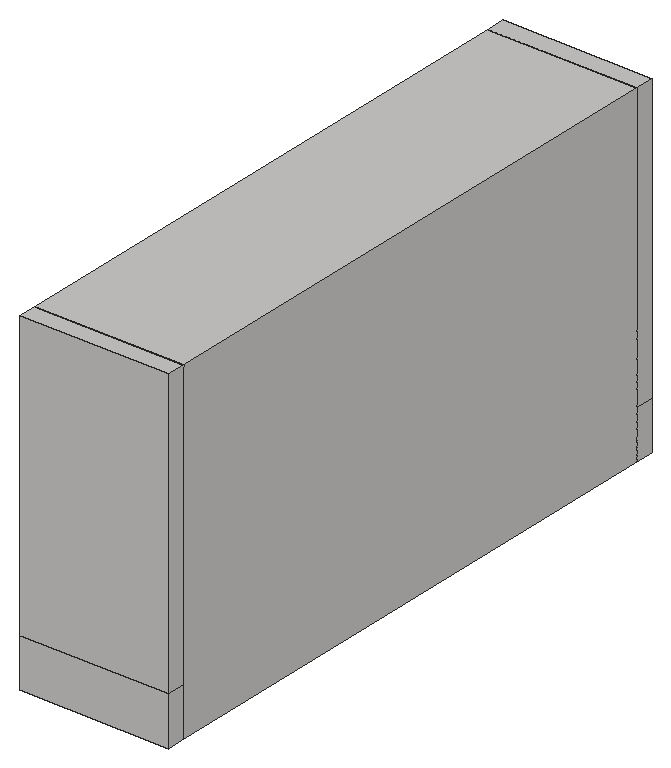
Revit family "QF_ELECTROLUXPROFESSIONAL_588689_MB3ACOBOOO", category Attrezzature speciali, Revit 2020
Family settings
  Quota connettore circolare = Usa diametro
  Tipo di parte = Normale
  Basato su piano di lavoro = No
  Sempre verticale = Sì
  Taglio con vuoti quando caricato = No
  Condiviso = No
  Punto di calcolo locali = No
Parameters (values of type "Standard")
  Weight = 10.50 kg
  Watts = 0 W
  Volts = 0 V
  URL Manufacturer = "https://www.electroluxprofessional.com/"
  URL = "https://www.electroluxprofessional.com/"
  Steam Supply Size = 0"
  Steam Supply Minimum Pressure = 0.00 psi
  Steam Supply Maximum Pressure = 0.00 psi
  Steam Consumption per Hour = 0
  Refrigeration Suction Line Size = 0 mm
  Refrigeration Liquid Line Size = 0 mm
  Refrigerant Compressor Remote = yes
  Prospetto di default = 0 mm
  Phase = 0
  Modello = "MB3ACOBOOO"
  Produttore = "Electrolux Professional"
  Length Actual = 200 mm  # constant formula
  Item Number = "588689"
  Hot Water Size = 0"
  Height Actual = 450 mm  # constant formula
  HP = "0 HP"
  Gas Size = 0"
  Gas KW = 0
  Gas Input Pressure = 0.0 Btu/h
  Direct Waste Size = 0"
  Descrizione = "CLOSED BASE, 200X850X450"
  Depth Actual = 850 mm  # constant formula
  Cycle = 0 Hz
  Condensate Return Size = 0"
  Compressed Air Volume = 0 GPM
  Compressed Air Size = 0"
  Compressed Air Pressure = 0.00 psi
  Cold Water Size = 0"
  Accessory = yes
Reference planes
  plane 1 "BACK": y = 0
  plane 2: z = 0
  plane 3 "LEFT": x = 0
  plane 4 "RIGHT": x = 200
  plane 5 "FRONT": y = -850
  plane 6 "PLAIN": z = 900
  plane 7 "Center (Left/Right)": x = 100
  plane 8 "Center (Front/Back)": y = -425
  plane 9 "TOP": z = 650
  plane 10 "BASE": z = 200
  plane 11: x = 122
  plane 12: x = 78
  plane 13 "Feet_back": y = -150
  plane 14 "Feet_Front": y = -720
  plane 15: x = 0
  plane 16: z = 265
  plane 17: y = -20
  plane 18: y = -805
  plane 19: y = -45
  plane 20: y = -830
Forms (mm)
  Extrusion 1, solid, material "QF_Finishes_Stainless Steel"
    sketch origin (0, 0, 650) x (0, 1, 0) y (0, 0, 1)
      loop
        line (-45, -450) -> (-45, 0) -> (-805, 0) -> (-805, -450) -> (-45, -450)
    from 0 to 200
  Extrusion 2, solid, material "QF_Finishes_Stainless Steel"
    sketch origin (0, 0, 650) x (0, 1, 0) y (0, 0, 1)
      loop
        line (-830, -450) -> (-805, -450) -> (-805, -385) -> (-830, -385) -> (-830, -450)
    from 0 to 200
  Extrusion 3, solid, material "QF_Finishes_Stainless Steel"
    sketch origin (0, 260, 650) x (0, 1, 0) y (0, 0, 1)
      loop
        line (-305, -450) -> (-280, -450) -> (-280, -385) -> (-305, -385) -> (-305, -450)
    from 0 to 200
  Extrusion 4, solid, material "QF_Finishes_Stainless Steel"
    sketch origin (0, 260, 870) x (0, 1, 0) y (0, 0, 1)
      loop
        line (-305, -605) -> (-280, -605) -> (-280, -220) -> (-305, -220) -> (-305, -605)
    from 0 to 200
  Extrusion 5, solid, material "QF_Finishes_Stainless Steel"
    sketch origin (0, 0, 870) x (0, 1, 0) y (0, 0, 1)
      loop
        line (-830, -605) -> (-805, -605) -> (-805, -220) -> (-830, -220) -> (-830, -605)
    from 0 to 200
Lines and regions (mm)
  symbolic lines, style "SpecialityEquipmentHiddenLines"
    curve 1: line (0, 0, 0) -> (200, 0, 0)
    curve 2: line (0, -850, 0) -> (0, 0, 0)
    curve 3: line (200, -850, 0) -> (0, -850, 0)
    curve 4: line (200, 0, 0) -> (200, -850, 0)
Dimensions and locks
  plane 3 "LEFT" to plane 4 "RIGHT" = 200 mm
  plane 5 "FRONT" to plane 1 "BACK" = 850 mm
  equal spacing: plane 3 "LEFT", plane 7 "Center (Left/Right)", plane 4 "RIGHT"
  equal spacing: plane 5 "FRONT", plane 8 "Center (Front/Back)", plane 1 "BACK"
  plane 6 "PLAIN" to plane 9 "TOP" = 250 mm
  plane 10 "BASE" to level = 200 mm
  plane 9 "TOP" to plane 10 "BASE" = 450 mm
  locked: plane 1 "BACK" to plane 13 "Feet_back" at 150
  locked: plane 14 "Feet_Front" to plane 5 "FRONT" at 130
  locked: plane 12 to plane 3 "LEFT" at 78
  locked: plane 11 to plane 4 "RIGHT" at 78
  locked: plane 16 to plane 10 "BASE" at 65
  locked: plane 1 "BACK" to plane 17 at 20
  plane 6 "PLAIN" to level = 900 mm
  locked: plane 17 to plane 19 at 25
  locked: plane 20 to plane 5 "FRONT" at 20
  locked: plane 18 to plane 20 at 25
  plane 17 to plane 20 = 810 mm
  aligned and locked: level to plane 2
  aligned and locked: Extrusion 1 to plane 4 "RIGHT"
  aligned and locked: Extrusion 1 to plane 3 "LEFT"
  aligned and locked: Extrusion 2 to plane 4 "RIGHT"
  aligned and locked: Extrusion 2 to plane 10 "BASE"
  aligned and locked: Extrusion 2 to plane 16
  aligned and locked: Extrusion 2 to plane 18
  aligned and locked: plane 20 to Extrusion 2
  aligned and locked: Extrusion 3 to plane 17
  aligned and locked: Extrusion 3 to Extrusion 1
  aligned and locked: plane 9 "TOP" to Extrusion 4
  aligned and locked: plane 16 to Extrusion 4
  aligned and locked: plane 20 to Extrusion 5
  aligned and locked: Extrusion 5 to plane 18
  aligned and locked: Extrusion 5 to plane 4 "RIGHT"
  aligned and locked: Extrusion 3 to plane 4 "RIGHT"
  aligned and locked: Extrusion 4 to plane 4 "RIGHT"
Automatic sketch dimensions
  curve 3 to plane 3 "LEFT" = 0 mm
  curve 3 to plane 4 "RIGHT" = 0 mm
  plane 5 "FRONT" to curve 3 = 0 mm
  plane 1 "BACK" to curve 2 = 0 mm
  Extrusion 1 sketch curve to plane 10 "BASE" = 0 mm
  Extrusion 1 sketch curve to plane 18 = 0 mm
  Extrusion 1 sketch curve to plane 19 = 0 mm
  Extrusion 1 sketch curve to plane 9 "TOP" = 0 mm
  plane 16 to Extrusion 2 sketch curve = 0 mm
  Extrusion 2 sketch curve to plane 20 = 0 mm
  Extrusion 2 sketch curve to plane 10 "BASE" = 0 mm
  Extrusion 2 sketch curve to plane 18 = 0 mm
  plane 16 to Extrusion 3 sketch curve = 0 mm
  Extrusion 3 sketch curve to plane 19 = 0 mm
  Extrusion 3 sketch curve to plane 10 "BASE" = 0 mm
  Extrusion 3 sketch curve to plane 17 = 0 mm
  Extrusion 4 sketch curve to plane 9 "TOP" = 0 mm
  Extrusion 4 sketch curve to plane 19 = 0 mm
  plane 16 to Extrusion 4 sketch curve = 0 mm
  Extrusion 4 sketch curve to plane 17 = 0 mm
  Extrusion 5 sketch curve to plane 9 "TOP" = 0 mm
  plane 16 to Extrusion 5 sketch curve = 0 mm
  Extrusion 5 sketch curve to plane 8 "Center (Front/Back)" = 405 mm
  Extrusion 5 sketch curve to Extrusion 5 sketch curve = 25 mm
